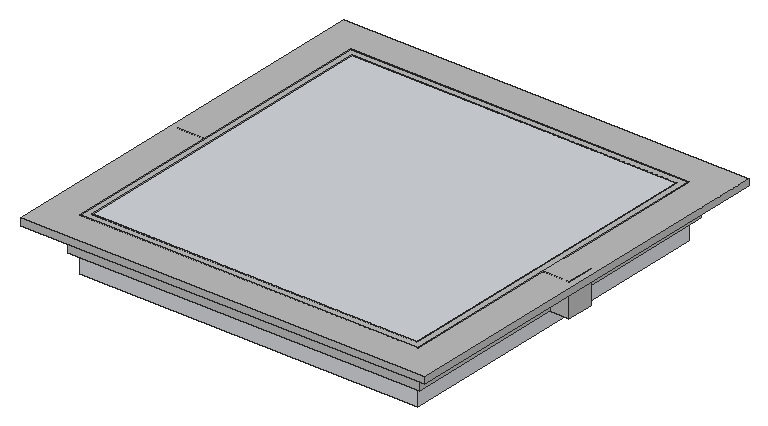
Revit family "Door_Access_Floor_Best_Access_Doors_BA-RRFD-18-LiftOut", category Specialty Equipment, host Face, Revit 2017
Family settings
  Host = Face
  Round Connector Dimension = Use Diameter
  Part Type = Normal
  Cut with Voids When Loaded = No
  Shared = No
  Room Calculation Point = No
Parameters (values of type "12 x 12 Nom for Vinyl Tile or Carpet")
  halfswing = (Door Width / 2)  # 0' - 6 3/8"
  Warranty Duration (Years) = 0
  Unit Width = 1' - 0 3/4"
  Unit Weight = 9
  Unit Height = 1' - 0 3/4"
  Unit Depth = 0' - 2"
  URL = "https://www.bestaccessdoors.com/"
  Test Data = ""
  Standards Conformance = "as Specified"
  Specification = ""
  SpecWizard = ""
  Sales Information = ""
  Revision = "R1_2017-03"
  Product data url = "https://bimobject.com/best-access-doors/product/removable-floor-hatch-recessed-for-vinyl-tile-carpet-access-door"
  Product Properties = ""
  Product Data = ""
  Overall Width = 1' - 3 1/4"
  Overall Height = 1' - 3 1/4"
  Opening Width = Unit Width  # 1' - 0 3/4"
  Opening Height = Unit Height  # 1' - 0 3/4"
  Opening Depth [instance] = 1' - 0"
  Model = "BA-RRFD-18"
  Manufacturer = "Best Access Doors"  # constant formula
  Maintenance Schedule (Months) = 0
  Keynote = ""
  Installation-Fabrication = ""
  Installation Phase = ""
  Green Building-LEED = ""
  Floor Material [instance] = none
  Fixture Finish [instance] = Metal - Best Access Doors - Aluminum
  Expected Lifespan (Years) = 0
  Door Width = Overall Width - (0' 1 1/4" * 2)  # 1' - 0 3/4"
  Door Height = Overall Height - (0' 1 1/4" * 2)  # 1' - 0 3/4"
  Description = "Best Access Doors Lift Out Floor Access Door for Vinyl Tile or Carpet - BA-RRFD-18 as Specified"
  Default Elevation = 0' - 0"  # constant formula
  Construction Details = ""
  Clearance Material [instance] = Clearance
  Clear Opening Width = 1' - 0"
  Clear Opening Height = 1' - 0"
  Capacity = "150 lbs/sqft"
  Available Options [instance] = "as Specified"
  Assembly Code = ""
Types (8): name | halfswing | Unit Width | Unit Weight | Unit Height | Overall Width | Overall Height | Opening Width | Opening Height | Model | Door Width | Door Height | Description | Clear Opening Width | Clear Opening Height
  24 x 24 Nom for Tile or Concrete | 1' - 0 3/8" | 2' - 0 3/4" | 36 | 2' - 0 3/4" | 2' - 3 1/4" | 2' - 3 1/4" | 2' - 0 3/4" | 2' - 0 3/4" | "BA-RRFD-T1/BA-RRFD-C1" | 2' - 0 3/4" | 2' - 0 3/4" | "Best Access Doors Lift Out Floor Access Door for Tile or Concrete - BA-RRFD-T1/BA-RRFD-C1 as Specified" | 2' - 0" | 2' - 0"
  18 x 18 Nom for Tile or Concrete | 0' - 9 3/8" | 1' - 6 3/4" | 18 | 1' - 6 3/4" | 1' - 9 1/4" | 1' - 9 1/4" | 1' - 6 3/4" | 1' - 6 3/4" | "BA-RRFD-T1/BA-RRFD-C1" | 1' - 6 3/4" | 1' - 6 3/4" | "Best Access Doors Lift Out Floor Access Door for Tile or Concrete - BA-RRFD-T1/BA-RRFD-C1 as Specified" | 1' - 6" | 1' - 6"
  12 x 12 Nom for Tile or Concrete | 0' - 6 3/8" | 1' - 0 3/4" | 9 | 1' - 0 3/4" | 1' - 3 1/4" | 1' - 3 1/4" | 1' - 0 3/4" | 1' - 0 3/4" | "BA-RRFD-T1/BA-RRFD-C1" | 1' - 0 3/4" | 1' - 0 3/4" | "Best Access Doors Lift Out Floor Access Door for Tile or Concrete - BA-RRFD-T1/BA-RRFD-C1 as Specified" | 1' - 0" | 1' - 0"
  8 x 8 Nom for Tile or Concrete | 0' - 4 3/8" | 0' - 8 3/4" | 6 | 0' - 8 3/4" | 0' - 11 1/4" | 0' - 11 1/4" | 0' - 8 3/4" | 0' - 8 3/4" | "BA-RRFD-T1/BA-RRFD-C1" | 0' - 8 3/4" | 0' - 8 3/4" | "Best Access Doors Lift Out Floor Access Door for Tile or Concrete - BA-RRFD-T1/BA-RRFD-C1 as Specified" | 0' - 8" | 0' - 8"
  24 x 24 Nom for Vinyl Tile or Carpet | 1' - 0 3/8" | 2' - 0 3/4" | 36 | 2' - 0 3/4" | 2' - 3 1/4" | 2' - 3 1/4" | 2' - 0 3/4" | 2' - 0 3/4" | "BA-RRFD-18" | 2' - 0 3/4" | 2' - 0 3/4" | "Best Access Doors Lift Out Floor Access Door for Vinyl Tile or Carpet - BA-RRFD-18 as Specified" | 2' - 0" | 2' - 0"
  18 x 18 Nom for Vinyl Tile or Carpet | 0' - 9 3/8" | 1' - 6 3/4" | 18 | 1' - 6 3/4" | 1' - 9 1/4" | 1' - 9 1/4" | 1' - 6 3/4" | 1' - 6 3/4" | "BA-RRFD-18" | 1' - 6 3/4" | 1' - 6 3/4" | "Best Access Doors Lift Out Floor Access Door for Vinyl Tile or Carpet - BA-RRFD-18 as Specified" | 1' - 6" | 1' - 6"
  12 x 12 Nom for Vinyl Tile or Carpet | 0' - 6 3/8" | 1' - 0 3/4" | 9 | 1' - 0 3/4" | 1' - 3 1/4" | 1' - 3 1/4" | 1' - 0 3/4" | 1' - 0 3/4" | "BA-RRFD-18" | 1' - 0 3/4" | 1' - 0 3/4" | "Best Access Doors Lift Out Floor Access Door for Vinyl Tile or Carpet - BA-RRFD-18 as Specified" | 1' - 0" | 1' - 0"
  8 x 8 Nom for Vinyl Tile or Carpet | 0' - 4 3/8" | 0' - 8 3/4" | 6 | 0' - 8 3/4" | 0' - 11 1/4" | 0' - 11 1/4" | 0' - 8 3/4" | 0' - 8 3/4" | "BA-RRFD-18" | 0' - 8 3/4" | 0' - 8 3/4" | "Best Access Doors Lift Out Floor Access Door for Vinyl Tile or Carpet - BA-RRFD-18 as Specified" | 0' - 8" | 0' - 8"
Reference planes (in)
  plane 1 "Center (Front/Back)": y = 1.28343
  plane 2: z = 0
  plane 3 "Center (Left/Right)": x = 0
  plane 4: y = 7.65843
  plane 5: y = -5.09157
  plane 6: x = -6.375
  plane 7: x = 6.375
  plane 8: z = 0
  plane 9: y = 8.90843
  plane 10: y = -6.34157
  plane 11: x = -7.625
  plane 12: x = 7.625
  plane 13: z = -2
  plane 14: x = -6.375
  plane 15: x = 6.375
  plane 16: y = 7.65843
  plane 17: y = -5.09157
  plane 18: z = -12
  plane 19: y = -5.09157
  plane 20: y = 7.65843
  plane 21: x = -6.375
  plane 22: x = 6.375
Forms (in)
  Extrusion 1, void
    sketch origin (0, 0, 0) x (1, 0, 0) y (0, 1, 0)
      loop
        line (-6.375, 7.65843) -> (-6.375, -5.09157) -> (6.375, -5.09157) -> (6.375, 7.65843) -> (-6.375, 7.65843)
    from -12 to 0
  Sweep 2, solid, material "Metal - Best Access Doors - Aluminum" <- "Fixture Finish"
    path origin (0, 0, 0) x (1, 0, 0) y (0, 1, 0)
      loop
        line (-7.625, 8.90843) -> (-7.625, -6.34157) -> (7.625, -6.34157) -> (7.625, 8.90843) -> (-7.625, 8.90843)
    profile origin (0, 8.90843, 0) x (0, 1, 0) y (0, 0, 1)
      loop
        line (-1.25, 0) -> (-1.25, -1.25) -> (-1, -1.25) -> (-1, -0.25) -> (0, -0.25) -> (0, 0) -> (-1.25, 0)
  Extrusion 3, solid, material "Metal - Best Access Doors - Aluminum" <- "Fixture Finish"
    sketch origin (0, 0, 0) x (1, 0, 0) y (0, 1, 0)
      loop
        line (-6.375, 7.65843) -> (-6.375, -5.09157) -> (6.375, -5.09157) -> (6.375, 7.65843) -> (-6.375, 7.65843)
      loop
        line (6.125, 7.40843) -> (-6.125, 7.40843) -> (-6.125, -4.84157) -> (6.125, -4.84157) -> (6.125, 7.40843)
    from 0 to -0.25
  Extrusion 4, solid, material "Metal - Best Access Doors - Aluminum" <- "Fixture Finish"
    sketch origin (0, 0, 0) x (1, 0, 0) y (0, 1, 0)
      loop
        line (-6.125, 7.40843) -> (-6.125, -4.84157) -> (6.125, -4.84157) -> (6.125, 7.40843) -> (-6.125, 7.40843)
    from -0.85435 to -0.25
  Sweep 5, void
    path origin (0, 0, 0) x (1, 0, 0) y (0, 1, 0)
      loop
        line (-7.625, 8.90843) -> (-7.625, -6.34157) -> (7.625, -6.34157) -> (7.625, 8.90843) -> (-7.625, 8.90843)
    profile origin (0, 8.90843, 0) x (0, 1, 0) y (0, 0, 1)
      loop
        line (0, 0) -> (-1.25, 0) -> (-1.25, -1.25) -> (-1, -1.25) -> (-1, -0.25) -> (0, -0.25) -> (0, 0)
  Extrusion 6, solid, material <- "Floor Material"
    sketch origin (0, 0, 0) x (1, 0, 0) y (0, 1, 0)
      loop
        line (-6.125, 7.40843) -> (-6.125, -4.84157) -> (6.125, -4.84157) -> (6.125, 7.40843) -> (-6.125, 7.40843)
    from 0 to -0.25
  Extrusion 7, solid, material "Metal - Best Access Doors - Aluminum" <- "Fixture Finish"
    sketch origin (0, 0, 0) x (1, 0, 0) y (0, 1, 0)
      loop
        line (-6.375, 0.78343) -> (-6.375, 1.78343) -> (-7.375, 1.78343) -> (-7.375, 0.78343) -> (-6.375, 0.78343)
      loop
        line (6.375, 0.78343) -> (7.375, 0.78343) -> (7.375, 1.78343) -> (6.375, 1.78343) -> (6.375, 0.78343)
    from -1.25 to 0
  Extrusion 8, solid
    sketch origin (0, 0, 0) x (1, 0, 0) y (0, 1, 0)
      loop
        line (-6.375, 7.65843) -> (-6.375, -5.09157) -> (6.375, -5.09157) -> (6.375, 7.65843) -> (-6.375, 7.65843)
      loop
        line (-6, -4.71657) -> (6, -4.71657) -> (6, 7.28343) -> (-6, 7.28343) -> (-6, -4.71657)
    from -0.85435 to -2
Cuts and joins
  joined: Extrusion 3, Extrusion 7
Dimensions and locks (in)
  locked: plane 8 to level
  equal spacing: plane 4, plane 1 "Center (Front/Back)", plane 5
  "Unit Height": plane 4 to plane 5
  equal spacing: plane 6, plane 3 "Center (Left/Right)", plane 7
  "Unit Width": plane 6 to plane 7
  equal spacing: plane 11, plane 3 "Center (Left/Right)", plane 12
  equal spacing: plane 9, plane 1 "Center (Front/Back)", plane 10
  "Overall Width": plane 11 to plane 12
  "Overall Height": plane 9 to plane 10
  "Unit Depth": plane 8 to plane 13
  equal spacing: plane 16, plane 1 "Center (Front/Back)", plane 17
  equal spacing: plane 14, plane 3 "Center (Left/Right)", plane 15
  "Opening Width": plane 14 to plane 15
  "Opening Height": plane 16 to plane 17
  "Opening Depth": level to plane 18
  locked: Extrusion 3 sketch curve to plane 10 at 1.25
  locked: plane 9 to Extrusion 3 sketch curve at 1.25
  locked: plane 11 to Extrusion 3 sketch curve at 1.25
  locked: Extrusion 3 sketch curve to plane 12 at 1.25
  locked: plane 9 to Extrusion 4 sketch curve at 1.5
  locked: Extrusion 4 sketch curve to plane 10 at 1.5
  locked: plane 11 to Extrusion 4 sketch curve at 1.5
  locked: Extrusion 4 sketch curve to plane 12 at 1.5
  locked: plane 11 to Extrusion 6 sketch curve at 1.5
  locked: Extrusion 6 sketch curve to plane 12 at 1.5
  locked: plane 9 to Extrusion 6 sketch curve at 1.5
  locked: Extrusion 6 sketch curve to plane 10 at 1.5
  locked: plane 19 to plane 10 at 1.25
  locked: plane 9 to plane 20 at 1.25
  locked: plane 11 to plane 21 at 1.25
  locked: plane 22 to plane 12 at 1.25
  plane 11 to Extrusion 7 sketch curve to Extrusion 7 sketch curve = 0' - 0 1/4" locked, 0' - 1" locked
  Extrusion 7 sketch curve to Extrusion 7 sketch curve to plane 12 = 0' - 1" locked, 0' - 0 1/4" locked
  locked: plane 9 to Extrusion 8 sketch curve at 1.625
  locked: Extrusion 8 sketch curve to plane 10 at 1.625
  locked: plane 11 to Extrusion 8 sketch curve at 1.625
  locked: Extrusion 8 sketch curve to plane 12 at 1.625
  aligned and locked: host face to plane 2
  aligned and locked: host face to level
  aligned and locked: Extrusion 1 sketch curve to plane 16
  aligned and locked: plane 14 to Extrusion 1 sketch curve
  aligned and locked: plane 17 to Extrusion 1 sketch curve
  aligned and locked: Extrusion 1 sketch curve to plane 15
  aligned and locked: Extrusion 1 to plane 18
  aligned and locked: plane 8 to Extrusion 1
  aligned and locked: Sweep 2 sketch curve to plane 9
  aligned and locked: plane 11 to Sweep 2 sketch curve
  aligned and locked: plane 10 to Sweep 2 sketch curve
  aligned and locked: Sweep 2 sketch curve to plane 12
  aligned and locked: plane 10 to Sweep 5 sketch curve
  aligned and locked: Sweep 5 sketch curve to plane 12
  aligned and locked: Extrusion 8 sketch curve to Sweep 2  (x3)
  aligned and locked: plane 6 to Extrusion 8 sketch curve
  aligned and locked: Extrusion 8 to plane 13
Automatic sketch dimensions
  host sketch curve to host sketch curve = 12' - 11.75605"
  host sketch curve to host sketch curve = 12' - 7.74281"
  Extrusion 3 sketch curve to plane 21 = 0' - 0 1/4"
  plane 22 to Extrusion 3 sketch curve = 0' - 0 1/4"
  Extrusion 3 sketch curve to plane 19 = 0' - 0 1/4"
  plane 20 to Extrusion 3 sketch curve = 0' - 0 1/4"
  Sweep 5 sketch curve to plane 11 = 0' - 0"
  Sweep 5 sketch curve to plane 9 = 0' - 0"
  Sweep 5 sketch curve to level = 0' - 0"
  Sweep 5 sketch curve to profile plane = 0' - 0"
  Sweep 5 sketch curve to level = 0' - 0 1/4"
  profile plane to Sweep 5 sketch curve = 0' - 1"
  Sweep 5 sketch curve to Sweep 5 sketch curve = 0' - 0 1/4"
  Sweep 5 sketch curve to Sweep 5 sketch curve = 0' - 1"
  Sweep 2 sketch curve to level = 0' - 0"
  Sweep 2 sketch curve to profile plane = 0' - 0"
  profile plane to Sweep 2 sketch curve = 0' - 1"
  Sweep 2 sketch curve to Sweep 2 sketch curve = 0' - 0 1/4"  (x2)
  Sweep 2 sketch curve to Sweep 2 sketch curve = 0' - 1"
  plane 1 "Center (Front/Back)" to Extrusion 7 sketch curve = 0' - 0 1/2"  (x2)
  Extrusion 7 sketch curve to plane 1 "Center (Front/Back)" = 0' - 0 1/2"  (x2)
